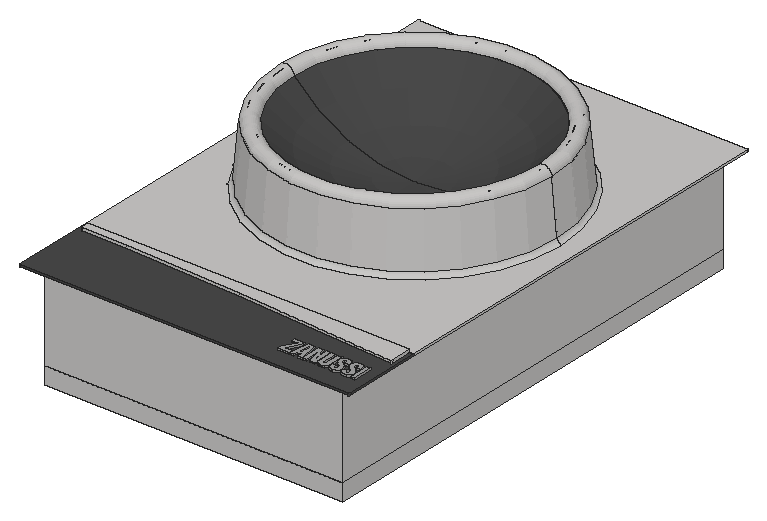
Revit family "QF_ZANUSSI_600892_Z1HCEDOMCS", category Specialty Equipment, Revit 2018
Family settings
  Round Connector Dimension = Use Diameter
  Part Type = Normal
  Work Plane-Based = No
  Always vertical = Yes
  Cut with Voids When Loaded = No
  Shared = No
  Room Calculation Point = No
Parameters (values of type "Standard")
  Watts = 0 W
  Volts = 220 V
  URL = "http://www.zanussiprofessional.com"
  Steam Supply Size = 0 mm
  Steam Supply Minimum Pressure = 0.0 Pa
  Steam Supply Maximum Pressure = 0.0 Pa
  Steam Pounds per Hour = 0
  Show Logo [instance] = yes
  Manufacturer = "Zanussi"
  Phase = 1
  Model = "Z1HCEDOMCS"
  Item Number = "600892"
  Hot Water Size = 0 mm
  HP = "4.7 HP"
  Gas Size = 0 mm
  Gas KW = 0
  Direct Waste Size = 0 mm
  Description = "PLUG-IN INDUCTION WOK, DROP-IN"
  Cycle = 60 Hz
  Condensate Return Size = 0 mm
  Compressed Air Volume = 0.0 L/s
  Compressed Air Size = 0 mm
  Compressed Air Pressure = 0.0 Pa
  Cold Water Size = 0 mm
Types (2, lengths in mm): name | URL | Manufacturer | Phase | Model | Description
  (no name) | 0 | 0 | 0 | 0 | 0
  Standard | "http://www.zanussiprofessional.com" | "Zanussi" | 1 | "Z1HCEDOMCS" | "PLUG-IN INDUCTION WOK, DROP-IN"
Values of the unnamed type that differ from the named types
  Volts = 0 V
  Item Number = ""
  Cycle = 0 Hz
Reference planes
  plane 1 "Centro (Fronte/Retro)": y = 74.737
  plane 2: z = 0
  plane 3: x = -514.269
  plane 4 "LEFT": x = -709.269
  plane 5 "RIGHT": x = -319.269
  plane 6 "BACK": y = 369.737
  plane 7 "FRONT": y = -220.263
  plane 8: y = -124.263
  plane 9: x = -690.269
  plane 10: x = -338.269
  plane 11: y = 355.737
  plane 12: y = -205.263
  plane 13: x = -442.269
  plane 14: y = 179.737
  plane 15: z = 900
Forms (mm)
  Extrusion 1, solid, material "QF_Finishes_Stainless Steel"
    sketch origin (0, 0, 774) x (1, 0, 0) y (0, 1, 0)
      loop
        line (-341.269, 352.737) -> (-687.269, 352.737) -> (-687.269, -202.263) -> (-341.269, -202.263) -> (-341.269, 352.737)
      loop
        line (-690.269, 355.737) -> (-690.269, -205.263) -> (-338.269, -205.263) -> (-338.269, 355.737) -> (-690.269, 355.737)
    from 21 to 126
  Extrusion 2, solid, material "QF_Finishes_Black"
    sketch origin (0, 0, 900) x (-1, 0, 0) y (0, -1, 0)
      loop
        line (709.269, 124.263) -> (709.269, 218.263)
        arc (709.269, 218.263) -> (708.683, 219.677) -> (707.269, 220.263) r 2
        line (707.269, 220.263) -> (321.269, 220.263)
        arc (321.269, 220.263) -> (319.854, 219.677) -> (319.269, 218.263) r 2
        line (319.269, 218.263) -> (319.269, 124.263) -> (709.269, 124.263)
    from 0 to 2
  Extrusion 3, solid, material "QF_Finishes_Stainless Steel"
    sketch origin (0, 0, 775) x (1, 0, 0) y (0, 1, 0)
      loop
        line (-690.269, 355.737) -> (-690.269, -205.263) -> (-338.269, -205.263) -> (-338.269, 355.737) -> (-690.269, 355.737)
    from 0 to 20
  Extrusion 4, solid, material "QF_Finishes_Stainless Steel"
    sketch origin (0, 0, 127) x (-1, 0, 0) y (0, -1, 0)
      loop
        circle (442.269, -179.737) r 10
    from 638.028 to 648
  Revolve 5, solid, material "QF_Finishes_Stainless Steel"
    sketch origin (0, 120.237, 2) x (-1, 0, 0) y (0, 0, 1)
      loop
        arc (349.07, 900) -> (350.454, 902.553) -> (351.23, 905.352) r 12.856
        line (351.23, 905.352) -> (357.255, 968.615)
        arc (357.255, 968.615) -> (361.677, 972.996) -> (366.45, 969) r 4.622
        line (366.45, 969) -> (371.472, 969)
        arc (371.472, 969) -> (361.87, 978) -> (352.269, 969) r 9.622
        line (352.269, 969) -> (346.269, 906)
        arc (346.269, 906) -> (344.567, 902.335) -> (341.269, 900) r 7.856
        line (341.269, 900) -> (349.07, 900)
      axis (514.269, 900) -> (514.269, 969)
    angle from 0 to 360
  Revolve 6, solid, material "QF_Finishes_Black"
    sketch origin (0, 120.237, 2) x (-1, 0, 0) y (0, 0, 1)
      loop
        line (371.472, 969) -> (366.45, 969)
        arc (366.45, 969) -> (432.848, 918.929) -> (514.269, 902) r 190.056
        line (514.269, 902) -> (514.269, 906)
        arc (514.269, 906) -> (436.232, 922.453) -> (371.472, 969) r 193.372
      axis (514.269, 969) -> (514.269, 902)
    angle from 0 to 360
  Extrusion 7, solid, material "QF_Finishes_Stainless Steel"
    sketch origin (0, 96, 900) x (-1, 0, 0) y (0, -1, 0)
      loop
        arc (707.269, -273.737) -> (708.683, -273.151) -> (709.269, -271.737) r 2
        line (709.269, -271.737) -> (709.269, 220.263) -> (319.269, 220.263) -> (319.269, -271.737)
        arc (319.269, -271.737) -> (319.854, -273.151) -> (321.269, -273.737) r 2
        line (321.269, -273.737) -> (707.269, -273.737)
    from 0 to 2
  Extrusion 8, solid, material "QF_Finishes_Stainless Steel"
    sketch origin (0, 0, 900) x (-1, 0, 0) y (0, -1, 0)
      loop
        arc (702.769, 124.263) -> (703.829, 124.702) -> (704.269, 125.763) r 1.5
        line (704.269, 125.763) -> (704.269, 132.763)
        arc (704.269, 132.763) -> (703.829, 133.824) -> (702.769, 134.263) r 1.5
        line (702.769, 134.263) -> (651.769, 134.263)
        arc (651.769, 134.263) -> (582.973, 135.513) -> (514.269, 139.263) r 1893.125
        arc (514.269, 139.263) -> (420.209, 148.26) -> (325.769, 151.263) r 1486.51
        arc (325.769, 151.263) -> (324.708, 150.824) -> (324.269, 149.763) r 1.5
        line (324.269, 149.763) -> (324.269, 125.763)
        arc (324.269, 125.763) -> (324.708, 124.702) -> (325.769, 124.263) r 1.5
        line (325.769, 124.263) -> (702.769, 124.263)
    from 2 to 5
Lines and regions (mm)
  Split face 1
    outline origin (0, 0, 902) x (-1, 0, 0) y (0, -1, 0)
      loop
        line (324.269, 124.263) -> (704.269, 124.263) -> (704.269, 623.263) -> (324.269, 623.263) -> (324.269, 124.263)
  symbolic lines
    curve 1: line (-319.269, -124.263, 126) -> (-709.269, -124.263, 126)
    curve 2: line (-321.269, 369.737, 126) -> (-707.269, 369.737, 126)
    curve 3: arc (-707.269, 369.737, 126) -> (-708.683, 369.151, 126) -> (-709.269, 367.737, 126) r 2
    curve 4: line (-709.269, 367.737, 126) -> (-709.269, -218.263, 126)
    curve 5: arc (-709.269, -218.263, 126) -> (-708.683, -219.677, 126) -> (-707.269, -220.263, 126) r 2
    curve 6: line (-707.269, -220.263, 126) -> (-321.269, -220.263, 126)
    curve 7: arc (-321.269, -220.263, 126) -> (-319.854, -219.677, 126) -> (-319.269, -218.263, 126) r 2
    curve 8: line (-319.269, -218.263, 126) -> (-319.269, 367.737, 126)
    curve 9: arc (-319.269, 367.737, 126) -> (-319.854, 369.151, 126) -> (-321.269, 369.737, 126) r 2
    curve 10: arc (-687.269, 120.237, 126) -> (-514.269, 293.237, 126) -> (-341.269, 120.237, 126) r 173
    curve 11: arc (-341.269, 120.237, 126) -> (-514.269, -52.763, 126) -> (-687.269, 120.237, 126) r 173
    curve 12: arc (-682.269, 120.237, 126) -> (-514.269, -47.763, 126) -> (-346.269, 120.237, 126) r 168
    curve 13: arc (-657.065, 120.237, 126) -> (-514.269, -22.56, 126) -> (-371.472, 120.237, 126) r 142.797
    curve 14: arc (-371.472, 120.237, 126) -> (-514.269, 263.034, 126) -> (-657.065, 120.237, 126) r 142.797
    curve 15: arc (-346.269, 120.237, 126) -> (-514.269, 288.237, 126) -> (-682.269, 120.237, 126) r 168
    curve 16: arc (-352.269, 120.237, 126) -> (-514.269, 282.237, 126) -> (-676.269, 120.237, 126) r 162
    curve 17: arc (-676.269, 120.237, 126) -> (-514.269, -41.763, 126) -> (-352.269, 120.237, 126) r 162
    curve 18: arc (-702.769, -124.263, 126) -> (-703.829, -124.702, 126) -> (-704.269, -125.763, 126) r 1.5
    curve 19: line (-704.269, -125.763, 126) -> (-704.269, -132.763, 126)
    curve 20: arc (-704.269, -132.763, 126) -> (-703.829, -133.824, 126) -> (-702.769, -134.263, 126) r 1.5
    curve 21: line (-702.769, -134.263, 126) -> (-651.769, -134.263, 126)
    curve 22: arc (-324.269, -125.763, 126) -> (-324.708, -124.702, 126) -> (-325.769, -124.263, 126) r 1.5
    curve 23: line (-324.269, -149.763, 126) -> (-324.269, -125.763, 126)
    curve 24: arc (-325.769, -151.263, 126) -> (-324.708, -150.824, 126) -> (-324.269, -149.763, 126) r 1.5
    curve 25: arc (-651.769, -134.263, 126) -> (-582.973, -135.513, 126) -> (-514.269, -139.263, 126) r 1893.125
    curve 26: arc (-514.269, -139.263, 126) -> (-420.209, -148.26, 126) -> (-325.769, -151.263, 126) r 1486.51
    curve 27: line (-415.208, -176.613, 126) -> (-422.226, -191.352, 126)
    curve 28: line (-422.226, -191.352, 126) -> (-422.226, -196.265, 126)
    curve 29: line (-422.226, -196.265, 126) -> (-409.452, -196.265, 126)
    curve 30: line (-409.452, -196.265, 126) -> (-409.452, -191.352, 126)
    curve 31: line (-409.452, -191.352, 126) -> (-416.821, -191.352, 126)
    curve 32: line (-416.821, -191.352, 126) -> (-409.452, -176.332, 126)
    curve 33: line (-409.452, -176.332, 126) -> (-409.452, -172.261, 126)
    curve 34: line (-409.452, -172.261, 126) -> (-421.665, -172.261, 126)
    curve 35: line (-421.665, -172.261, 126) -> (-421.665, -176.753, 126)
    curve 36: line (-421.665, -176.753, 126) -> (-415.208, -176.613, 126)
    curve 37: line (-404.82, -172.261, 126) -> (-409.172, -196.265, 126)
    curve 38: line (-409.172, -196.265, 126) -> (-404.118, -196.265, 126)
    curve 39: line (-404.118, -196.265, 126) -> (-403.416, -191.633, 126)
    curve 40: line (-403.416, -191.633, 126) -> (-399.346, -191.633, 126)
    curve 41: line (-399.346, -191.633, 126) -> (-398.644, -196.265, 126)
    curve 42: line (-398.644, -196.265, 126) -> (-393.59, -196.265, 126)
    curve 43: line (-393.59, -196.265, 126) -> (-398.082, -172.261, 126)
    curve 44: line (-398.082, -172.261, 126) -> (-404.82, -172.261, 126)
    curve 45: line (-401.451, -176.364, 126) -> (-400.047, -187.281, 126)
    curve 46: line (-400.047, -187.281, 126) -> (-402.855, -187.281, 126)
    curve 47: line (-402.855, -187.281, 126) -> (-401.451, -176.364, 126)
    curve 48: line (-393.309, -172.261, 126) -> (-393.309, -196.265, 126)
    curve 49: line (-393.309, -196.265, 126) -> (-388.958, -196.265, 126)
    curve 50: line (-388.958, -196.265, 126) -> (-388.958, -180.403, 126)
    curve 51: line (-388.958, -180.403, 126) -> (-384.887, -196.265, 126)
    curve 52: line (-384.887, -196.265, 126) -> (-379.553, -196.265, 126)
    curve 53: line (-379.553, -196.265, 126) -> (-379.553, -172.261, 126)
    curve 54: line (-379.553, -172.261, 126) -> (-384.045, -172.261, 126)
    curve 55: line (-384.045, -172.261, 126) -> (-384.045, -187.562, 126)
    curve 56: line (-384.045, -187.562, 126) -> (-388.116, -172.261, 126)
    curve 57: line (-388.116, -172.261, 126) -> (-393.309, -172.261, 126)
    curve 58: line (-378.43, -172.261, 126) -> (-378.43, -188.404, 126)
    curve 59: line (-378.43, -188.404, 126) -> (-378.149, -192.334, 126)
    curve 60: line (-378.149, -192.334, 126) -> (-377.728, -193.317, 126)
    curve 61: line (-377.728, -193.317, 126) -> (-376.745, -194.58, 126)
    curve 62: line (-376.745, -194.58, 126) -> (-375.763, -195.282, 126)
    curve 63: line (-375.763, -195.282, 126) -> (-373.797, -196.124, 126)
    curve 64: line (-373.797, -196.124, 126) -> (-372.815, -196.265, 126)
    curve 65: line (-372.815, -196.265, 126) -> (-370.569, -196.265, 126)
    curve 66: line (-370.569, -196.265, 126) -> (-369.446, -195.984, 126)
    curve 67: line (-369.446, -195.984, 126) -> (-367.761, -195.001, 126)
    curve 68: line (-367.761, -195.001, 126) -> (-365.796, -192.194, 126)
    curve 69: line (-365.796, -192.194, 126) -> (-365.656, -191.211, 126)
    curve 70: line (-365.656, -191.211, 126) -> (-365.656, -172.261, 126)
    curve 71: line (-365.656, -172.261, 126) -> (-370.569, -172.261, 126)
    curve 72: line (-370.569, -172.261, 126) -> (-370.569, -190.088, 126)
    curve 73: line (-370.569, -190.088, 126) -> (-371.13, -191.352, 126)
    curve 74: line (-371.13, -191.352, 126) -> (-372.675, -191.492, 126)
    curve 75: line (-372.675, -191.492, 126) -> (-373.517, -190.509, 126)
    curve 76: line (-373.517, -190.509, 126) -> (-373.517, -172.261, 126)
    curve 77: line (-373.517, -172.261, 126) -> (-378.43, -172.261, 126)
    curve 78: line (-353.163, -184.895, 126) -> (-358.778, -179.841, 126)
    curve 79: line (-358.778, -179.841, 126) -> (-359.479, -178.999, 126)
    curve 80: line (-359.479, -178.999, 126) -> (-359.76, -176.753, 126)
    curve 81: line (-359.76, -176.753, 126) -> (-358.076, -175.911, 126)
    curve 82: line (-358.076, -175.911, 126) -> (-356.672, -176.893, 126)
    curve 83: line (-356.672, -176.893, 126) -> (-356.532, -179.841, 126)
    curve 84: line (-356.532, -179.841, 126) -> (-351.899, -179.841, 126)
    curve 85: line (-351.899, -179.841, 126) -> (-352.18, -175.068, 126)
    curve 86: line (-352.18, -175.068, 126) -> (-355.128, -172.401, 126)
    curve 87: line (-355.128, -172.401, 126) -> (-363.269, -173.805, 126)
    curve 88: line (-363.269, -173.805, 126) -> (-364.252, -180.824, 126)
    curve 89: line (-364.252, -180.824, 126) -> (-362.006, -184.052, 126)
    curve 90: line (-362.006, -184.052, 126) -> (-359.62, -186.158, 126)
    curve 91: line (-359.62, -186.158, 126) -> (-356.672, -189.106, 126)
    curve 92: line (-356.672, -189.106, 126) -> (-357.233, -191.773, 126)
    curve 93: line (-357.233, -191.773, 126) -> (-359.058, -191.913, 126)
    curve 94: line (-359.058, -191.913, 126) -> (-360.041, -187.842, 126)
    curve 95: line (-360.041, -187.842, 126) -> (-364.954, -187.842, 126)
    curve 96: line (-364.954, -187.842, 126) -> (-363.55, -194.44, 126)
    curve 97: line (-363.55, -194.44, 126) -> (-357.374, -196.265, 126)
    curve 98: line (-357.374, -196.265, 126) -> (-351.759, -192.334, 126)
    curve 99: line (-351.759, -192.334, 126) -> (-353.163, -184.895, 126)
    curve 100: line (-339.266, -184.754, 126) -> (-345.161, -179.42, 126)
    curve 101: line (-345.161, -179.42, 126) -> (-345.863, -177.595, 126)
    curve 102: line (-345.863, -177.595, 126) -> (-345.302, -176.191, 126)
    curve 103: line (-345.302, -176.191, 126) -> (-344.038, -175.911, 126)
    curve 104: line (-344.038, -175.911, 126) -> (-342.635, -176.893, 126)
    curve 105: line (-342.635, -176.893, 126) -> (-342.494, -179.701, 126)
    curve 106: line (-342.494, -179.701, 126) -> (-337.722, -179.841, 126)
    curve 107: line (-337.722, -179.841, 126) -> (-338.283, -174.928, 126)
    curve 108: line (-338.283, -174.928, 126) -> (-345.723, -171.98, 126)
    curve 109: line (-345.723, -171.98, 126) -> (-350.215, -175.63, 126)
    curve 110: line (-350.215, -175.63, 126) -> (-348.951, -182.929, 126)
    curve 111: line (-348.951, -182.929, 126) -> (-343.758, -187.562, 126)
    curve 112: line (-343.758, -187.562, 126) -> (-342.635, -189.246, 126)
    curve 113: line (-342.635, -189.246, 126) -> (-343.056, -191.773, 126)
    curve 114: line (-343.056, -191.773, 126) -> (-344.46, -192.054, 126)
    curve 115: line (-344.46, -192.054, 126) -> (-346.003, -187.702, 126)
    curve 116: line (-346.003, -187.702, 126) -> (-350.917, -187.842, 126)
    curve 117: line (-350.917, -187.842, 126) -> (-349.092, -194.721, 126)
    curve 118: line (-349.092, -194.721, 126) -> (-341.091, -195.703, 126)
    curve 119: line (-341.091, -195.703, 126) -> (-338.002, -192.896, 126)
    curve 120: line (-338.002, -192.896, 126) -> (-339.266, -184.754, 126)
    curve 121: line (-331.966, -172.261, 126) -> (-336.879, -172.261, 126)
    curve 122: line (-336.879, -172.261, 126) -> (-336.879, -196.265, 126)
    curve 123: line (-336.879, -196.265, 126) -> (-331.966, -196.265, 126)
    curve 124: line (-331.966, -196.265, 126) -> (-331.966, -172.261, 126)
Dimensions and locks
  equal spacing: plane 4 "LEFT", plane 3, plane 5 "RIGHT"
  plane 4 "LEFT" to plane 5 "RIGHT" = 390 mm
  equal spacing: plane 6 "BACK", plane 1 "Centro (Fronte/Retro)", plane 7 "FRONT"
  plane 6 "BACK" to plane 7 "FRONT" = 590 mm
  locked: plane 4 "LEFT" to plane 9 at 19
  locked: plane 10 to plane 5 "RIGHT" at 19
  locked: plane 6 "BACK" to plane 11 at 14
  locked: plane 12 to plane 7 "FRONT" at 15
  locked: plane 13 to plane 5 "RIGHT" at 123
  plane 6 "BACK" to plane 14 = 190 mm
  plane 15 to level = 900 mm
  aligned and locked: level to plane 2
Automatic sketch dimensions
  curve 10 to curve 11 = 0 mm  (x2)
  curve 10 to curve 12 = 0 mm  (x2)
  curve 10 to curve 13 = 0 mm  (x2)
  curve 10 to curve 14 = 0 mm  (x2)
  curve 10 to curve 15 = 0 mm  (x2)
  curve 10 to curve 16 = 0 mm  (x2)
  curve 10 to curve 17 = 0 mm  (x2)
  curve 11 to curve 12 = 0 mm  (x2)
  curve 11 to curve 13 = 0 mm  (x2)
  curve 11 to curve 14 = 0 mm  (x2)
  curve 11 to curve 15 = 0 mm  (x2)
  curve 11 to curve 16 = 0 mm  (x2)
  curve 11 to curve 17 = 0 mm  (x2)
  curve 12 to curve 13 = 0 mm  (x2)
  curve 12 to curve 14 = 0 mm  (x2)
  curve 12 to curve 15 = 0 mm  (x2)
  curve 12 to curve 16 = 0 mm  (x2)
  curve 12 to curve 17 = 0 mm  (x2)
  curve 13 to curve 14 = 0 mm  (x2)
  curve 13 to curve 15 = 0 mm  (x2)
  curve 13 to curve 16 = 0 mm  (x2)
  curve 13 to curve 17 = 0 mm  (x2)
  curve 14 to curve 15 = 0 mm  (x2)
  curve 14 to curve 16 = 0 mm  (x2)
  curve 14 to curve 17 = 0 mm  (x2)
  curve 15 to curve 16 = 0 mm  (x2)
  curve 15 to curve 17 = 0 mm  (x2)
  curve 16 to curve 17 = 0 mm  (x2)
  curve 1 to plane 5 "RIGHT" = 0 mm
  curve 9 to plane 6 "BACK" = 0 mm
  curve 6 to plane 7 "FRONT" = 0 mm
  curve 22 to plane 8 = 0 mm
  curve 11 to plane 3 = 0 mm
  curve 26 to plane 3 = 0 mm
  curve 4 to plane 4 "LEFT" = 0 mm
  curve 9 to plane 5 "RIGHT" = 2 mm
  curve 6 to plane 5 "RIGHT" = 2 mm
  curve 23 to plane 5 "RIGHT" = 5 mm
  curve 24 to curve 24 = 1.5 mm
  curve 22 to curve 22 = 1.5 mm
  plane 10 to curve 124 = 6.302 mm
  plane 10 to curve 122 = 1.389 mm
  plane 10 to curve 107 = 0.547 mm
  plane 10 to curve 120 = 0.266 mm
  curve 107 to plane 10 = 0.014 mm
  curve 120 to plane 10 = 0.997 mm
  curve 119 to plane 10 = 2.822 mm
  curve 106 to plane 10 = 4.225 mm
  curve 112 to plane 10 = 4.366 mm
  curve 105 to curve 104 = 0.141 mm
  curve 112 to curve 113 = 0.421 mm
  curve 112 to curve 111 = 1.123 mm
  curve 104 to curve 103 = 1.404 mm
  curve 113 to curve 115 = 1.404 mm
  curve 105 to curve 100 = 2.667 mm
  curve 103 to curve 103 = 1.263 mm
  curve 102 to curve 109 = 0.421 mm
  curve 102 to curve 102 = 0.562 mm
  curve 111 to curve 116 = 2.246 mm
  curve 100 to curve 111 = 3.79 mm
  curve 114 to curve 118 = 4.632 mm
  curve 101 to curve 109 = 4.352 mm
  curve 115 to curve 116 = 4.913 mm
  curve 117 to curve 98 = 2.667 mm
  curve 110 to curve 84 = 2.948 mm
  curve 109 to curve 85 = 1.965 mm
  curve 116 to curve 78 = 2.246 mm
  curve 85 to curve 87 = 2.948 mm
  curve 84 to curve 83 = 4.632 mm
  curve 78 to curve 92 = 3.509 mm
  curve 83 to curve 83 = 0.14 mm
  curve 91 to curve 93 = 0.562 mm
  plane 12 to curve 97 = 8.998 mm
  curve 92 to curve 97 = 0.14 mm
  curve 82 to curve 82 = 1.404 mm
  curve 83 to curve 78 = 2.246 mm
  curve 92 to curve 93 = 1.825 mm
  curve 78 to curve 80 = 0.702 mm
  curve 91 to curve 91 = 2.948 mm
  curve 81 to curve 80 = 1.684 mm
  curve 90 to curve 94 = 0.421 mm
  curve 90 to curve 90 = 2.386 mm
  curve 80 to curve 87 = 3.509 mm
  plane 12 to curve 97 = 10.823 mm
  curve 93 to curve 97 = 4.492 mm
  curve 89 to curve 88 = 2.246 mm
  curve 89 to curve 96 = 2.948 mm
  curve 87 to curve 71 = 2.386 mm
  plane 12 to curve 68 = 13.069 mm
  curve 69 to curve 68 = 0.14 mm
  plane 12 to curve 67 = 10.262 mm
  curve 68 to curve 67 = 1.965 mm
  plane 12 to curve 66 = 9.279 mm
  curve 67 to curve 66 = 1.685 mm
  curve 69 to curve 72 = 4.913 mm
  plane 12 to curve 66 = 8.998 mm
  curve 66 to curve 66 = 1.123 mm
  plane 12 to curve 74 = 13.911 mm
  curve 72 to curve 74 = 0.561 mm
  plane 12 to curve 74 = 13.771 mm
  curve 73 to curve 74 = 1.544 mm
  curve 65 to curve 64 = 2.246 mm
  curve 71 to curve 76 = 2.948 mm
  plane 12 to curve 63 = 9.139 mm
  curve 64 to curve 63 = 0.982 mm
  plane 12 to curve 63 = 9.981 mm
  curve 63 to curve 63 = 1.965 mm
  plane 12 to curve 62 = 10.683 mm
  curve 62 to curve 62 = 0.983 mm
  plane 12 to curve 60 = 11.946 mm
  curve 61 to curve 60 = 0.983 mm
  plane 12 to curve 59 = 12.929 mm
  curve 60 to curve 59 = 0.421 mm
  curve 76 to curve 77 = 4.913 mm
  curve 61 to curve 52 = 2.808 mm
  plane 12 to curve 56 = 17.701 mm
  curve 58 to curve 56 = 5.615 mm
  plane 12 to curve 51 = 8.998 mm
  curve 52 to curve 51 = 5.334 mm
  curve 54 to curve 57 = 4.071 mm
  curve 51 to curve 49 = 4.071 mm
  curve 56 to curve 57 = 5.194 mm
  curve 48 to curve 42 = 0.281 mm
  curve 48 to curve 43 = 4.773 mm
  plane 12 to curve 41 = 8.998 mm
  curve 42 to curve 41 = 5.053 mm
  plane 12 to curve 41 = 13.63 mm
  curve 41 to curve 41 = 0.702 mm
  curve 40 to curve 46 = 0.702 mm
  curve 43 to curve 47 = 3.369 mm
  curve 45 to curve 46 = 2.807 mm
  curve 40 to curve 40 = 4.071 mm
  plane 12 to curve 39 = 8.998 mm
  curve 39 to curve 39 = 0.702 mm
  curve 45 to curve 37 = 3.369 mm
  curve 38 to curve 37 = 5.054 mm
  curve 37 to curve 32 = 4.632 mm
  curve 37 to curve 29 = 0.281 mm
  curve 32 to curve 36 = 5.755 mm
  curve 30 to curve 31 = 7.368 mm
  curve 27 to curve 35 = 6.457 mm
  curve 31 to curve 28 = 5.406 mm
  curve 21 to plane 8 = 10 mm
  plane 9 to curve 21 = 38.5 mm
  curve 18 to plane 8 = 1.5 mm
  plane 4 "LEFT" to curve 18 = 6.5 mm
  curve 21 to curve 19 = 1.5 mm
  curve 5 to curve 4 = 2 mm
  plane 4 "LEFT" to curve 2 = 2 mm
  plane 6 "BACK" to curve 26 = 965.51 mm
  curve 14 to plane 1 "Centro (Fronte/Retro)" = 45.5 mm
  curve 22 to curve 23 = 24 mm
  curve 109 to curve 97 = 24.285 mm
  curve 108 to curve 121 = 0.281 mm
  curve 77 to curve 55 = 15.301 mm
  curve 76 to curve 71 = 0 mm
  curve 57 to curve 58 = 0 mm
  curve 56 to curve 55 = 0 mm
  curve 44 to curve 48 = 0 mm
  curve 33 to curve 37 = 0 mm
  curve 108 to curve 87 = 0.421 mm
  curve 70 to curve 87 = 1.544 mm
  curve 121 to curve 107 = 2.667 mm
  curve 86 to curve 85 = 2.667 mm
  curve 85 to curve 109 = 0.561 mm
  curve 108 to curve 103 = 3.93 mm
  curve 86 to curve 82 = 3.509 mm
  curve 103 to curve 102 = 0.281 mm
  curve 33 to curve 32 = 4.071 mm
  curve 43 to curve 45 = 4.103 mm
  curve 32 to curve 36 = 0.281 mm
  curve 81 to curve 81 = 0.842 mm
  curve 34 to curve 36 = 4.492 mm
  curve 103 to curve 105 = 0.983 mm
  curve 81 to curve 82 = 0.983 mm
  curve 102 to curve 101 = 1.404 mm
  curve 80 to curve 79 = 2.246 mm
  curve 101 to curve 101 = 1.825 mm
  curve 100 to curve 105 = 0.281 mm
  curve 109 to curve 84 = 4.211 mm
  curve 105 to curve 106 = 0.14 mm
  curve 79 to curve 79 = 0.842 mm
  curve 56 to curve 51 = 8.142 mm
  curve 79 to curve 89 = 1.825 mm
  curve 84 to curve 111 = 3.088 mm
  curve 88 to curve 89 = 3.228 mm
  curve 106 to curve 100 = 4.913 mm
  curve 110 to curve 78 = 1.965 mm
  curve 89 to curve 90 = 2.106 mm
  curve 46 to curve 39 = 4.352 mm
  curve 100 to curve 112 = 2.807 mm
  curve 111 to curve 115 = 0.14 mm
  curve 90 to curve 95 = 1.684 mm
  curve 78 to curve 116 = 2.948 mm
  curve 58 to curve 59 = 3.93 mm
  curve 94 to curve 92 = 1.264 mm
  curve 111 to curve 112 = 1.685 mm
  curve 73 to curve 73 = 1.263 mm
  curve 75 to curve 74 = 0.983 mm
  curve 69 to curve 68 = 0.982 mm
  curve 32 to curve 37 = 4.913 mm
  curve 28 to curve 31 = 0 mm
  curve 112 to curve 114 = 2.527 mm
  curve 91 to curve 93 = 2.667 mm
  curve 92 to curve 93 = 0.14 mm
  curve 113 to curve 114 = 0.281 mm
  curve 116 to curve 99 = 4.492 mm
  curve 113 to curve 119 = 1.123 mm
  curve 98 to curve 117 = 2.386 mm
  curve 119 to curve 119 = 2.807 mm
  curve 27 to curve 28 = 4.913 mm
  curve 42 to curve 49 = 0 mm
  curve 119 to curve 124 = 3.369 mm
  curve 25 to plane 7 "FRONT" = 1807.125 mm
  curve 11 to plane 10 = 3 mm
  curve 10 to curve 15 = 5 mm
  curve 12 to curve 17 = 6 mm
  curve 16 to curve 14 = 19.203 mm
  Extrusion 1 sketch curve to plane 9 = 0 mm
  Extrusion 1 sketch curve to plane 10 = 0 mm
  Extrusion 1 sketch curve to plane 12 = 0 mm
  Extrusion 1 sketch curve to plane 11 = 0 mm
  plane 9 to Extrusion 1 sketch curve = 3 mm
  Extrusion 1 sketch curve to plane 10 = 3 mm
  plane 12 to Extrusion 1 sketch curve = 3 mm
  Extrusion 1 sketch curve to plane 11 = 3 mm
  Extrusion 2 sketch curve to plane 5 "RIGHT" = 0 mm
  Extrusion 2 sketch curve to plane 7 "FRONT" = 0 mm
  Extrusion 2 sketch curve to plane 4 "LEFT" = 0 mm
  Extrusion 2 sketch curve to plane 8 = 0 mm
  Extrusion 2 sketch curve to plane 5 "RIGHT" = 2 mm
  Extrusion 2 sketch curve to Extrusion 2 sketch curve = 2 mm
  Split face 1 sketch curve to Extrusion 2 = 0 mm
  Split face 1 sketch curve to Extrusion 2 = 5 mm  (x2)
  Extrusion 2 to Split face 1 sketch curve = 403 mm
  Extrusion 3 sketch curve to plane 9 = 0 mm
  Extrusion 3 sketch curve to plane 10 = 0 mm
  Extrusion 3 sketch curve to plane 12 = 0 mm
  Extrusion 3 sketch curve to plane 11 = 0 mm
  Extrusion 4 sketch curve to plane 13 = 0 mm
  Extrusion 4 sketch curve to plane 14 = 0 mm
  Revolve 5 sketch curve to Revolve 5 sketch curve = 0 mm  (x4)
  Revolve 5 sketch curve to plane 3 = 0 mm
  Revolve 5 sketch curve to plane 10 = 33.203 mm
  Revolve 5 sketch curve to Revolve 5 sketch curve = 5.022 mm
  Revolve 5 sketch curve to Revolve 5 sketch curve = 4.58 mm
  Revolve 5 sketch curve to Revolve 5 sketch curve = 4.616 mm
  Revolve 5 sketch curve to Revolve 5 sketch curve = 4.986 mm
  Revolve 5 sketch curve to plane 10 = 12.961 mm
  plane 15 to Revolve 5 sketch curve = 2 mm  (x2)
  Revolve 5 sketch curve to Revolve 5 sketch curve = 2.16 mm
  Revolve 5 sketch curve to Revolve 5 sketch curve = 4.961 mm
  Revolve 5 sketch curve to plane 10 = 3 mm
  Revolve 5 sketch curve to plane 10 = 0.264 mm
  Revolve 5 sketch curve to Revolve 5 sketch curve = 5.352 mm
  Revolve 5 sketch curve to Revolve 5 sketch curve = 63.026 mm
  Revolve 5 sketch curve to Revolve 5 sketch curve = 0.237 mm
  Revolve 5 sketch curve to Revolve 5 sketch curve = 611 mm
  Revolve 6 sketch curve to plane 3 = 0 mm  (x2)
  plane 3 to Revolve 6 sketch curve = 2.959 mm
  Revolve 6 sketch curve to plane 10 = 33.203 mm
  Revolve 6 sketch curve to Revolve 6 sketch curve = 5.022 mm
  Revolve 6 sketch curve to plane 3 = 0.017 mm
  plane 15 to Revolve 6 sketch curve = 4 mm
  Revolve 6 sketch curve to Revolve 6 sketch curve = 4 mm
  plane 15 to Revolve 6 sketch curve = 71 mm
  Revolve 6 sketch curve to Revolve 6 sketch curve = 2 mm
  Revolve 6 sketch curve to Revolve 6 sketch curve = 48.628 mm
  Extrusion 7 sketch curve to plane 5 "RIGHT" = 0 mm
  Extrusion 7 sketch curve to plane 6 "BACK" = 0 mm
  Extrusion 7 sketch curve to plane 4 "LEFT" = 0 mm
  Extrusion 7 sketch curve to plane 8 = 0 mm
  Extrusion 7 sketch curve to plane 5 "RIGHT" = 2 mm
  Extrusion 7 sketch curve to Extrusion 7 sketch curve = 2 mm
  Extrusion 8 sketch curve to plane 8 = 0 mm
  Extrusion 8 sketch curve to plane 3 = 0 mm
  Extrusion 8 sketch curve to plane 5 "RIGHT" = 6.5 mm  (x2)
  Extrusion 8 sketch curve to Extrusion 8 sketch curve = 1.5 mm  (x2)
  plane 9 to Extrusion 8 sketch curve = 38.5 mm
  Extrusion 8 sketch curve to plane 8 = 1.5 mm
  plane 4 "LEFT" to Extrusion 8 sketch curve = 6.5 mm
  plane 6 "BACK" to Extrusion 8 sketch curve = 965.51 mm
  Extrusion 8 sketch curve to Extrusion 8 sketch curve = 7 mm
  Extrusion 8 sketch curve to Extrusion 8 sketch curve = 24 mm
  Extrusion 8 sketch curve to plane 7 "FRONT" = 1807.125 mm
  radius of Extrusion 4 sketch curve = 10 mm
Nested families
  nested 1: "ZAN_Logo_S_Grey" at (-377.096, -184.263, 902), visible <- "Show Logo", type "ZAN_Logo_S_Grey"
Connectors
  electrical at (-442.269, 179.737, 765.028)
    settings: on Extrusion 4, index 2, voltage 0 V, apparent load 0 VA, apparent load phase1 0 VA, apparent load phase2 0 VA, apparent load phase3 0 VA, power factor 1, load classification "Altro", number of poles 1, system type 30, power factor state 1, is connector primary yes, connector utility no, sub classification motor no, connector description ""
Definition of nested family "ZAN_Logo_S_Grey"
  Parameters (values of type "ZAN_Logo_S_Grey")
    Default Elevation = 0 mm
  Reference planes
    plane 1 "Centro (Fronte/Retro)": y = 0
    plane 2: z = 0
    plane 3 "Centro (Sinistra/Destra)": x = 0
  Forms (mm)
    Extrusion 1, solid
      sketch origin (0, 0, 0) x (1, 0, 0) y (0, 1, 0)
        loop
          line (-1219.2, 1219.2) -> (-1219.2, -1219.2) -> (1219.2, -1219.2) -> (1219.2, 1219.2) -> (-1219.2, 1219.2)
      from 0 to -304.8
    Extrusion 2, solid
      sketch origin (17.793, -46.218, 0) x (-1, 0, 0) y (0, -1, 0)
        loop
          spline (-4.176, -58.079) -> (-3.496, -58.328) -> (-2.793, -58.512) -> (-2.075, -58.63) -> (-1.348, -58.682) -> (-0.619, -58.669) -> (0.106, -58.588) -> (0.818, -58.44) -> (1.512, -58.225) -> (2.18, -57.941) -> (2.817, -57.589) -> (3.414, -57.167) -> (3.966, -56.676)
          spline (3.966, -56.676) -> (4.293, -56.162) -> (4.575, -55.61) -> (4.81, -55.026) -> (5, -54.419) -> (5.146, -53.797) -> (5.247, -53.166) -> (5.304, -52.536) -> (5.318, -51.913) -> (5.288, -51.306) -> (5.217, -50.723) -> (5.103, -50.17) -> (4.949, -49.657)
          line (4.949, -49.657) -> (2.702, -46.428) -> (0.316, -44.323)
          spline (0.316, -44.323) -> (0.065, -44.115) -> (-0.195, -43.909) -> (-0.46, -43.704) -> (-0.729, -43.496) -> (-0.997, -43.282) -> (-1.263, -43.059) -> (-1.523, -42.825) -> (-1.774, -42.576) -> (-2.013, -42.309) -> (-2.238, -42.022) -> (-2.445, -41.712) -> (-2.632, -41.375)
          spline (-2.632, -41.375) -> (-2.666, -41.159) -> (-2.697, -40.934) -> (-2.722, -40.701) -> (-2.736, -40.465) -> (-2.736, -40.227) -> (-2.72, -39.989) -> (-2.682, -39.754) -> (-2.621, -39.524) -> (-2.533, -39.302) -> (-2.414, -39.091) -> (-2.261, -38.892) -> (-2.07, -38.708)
          line (-2.07, -38.708) -> (-0.245, -38.567)
          spline (-0.245, -38.567) -> (0.096, -38.8) -> (0.354, -39.074) -> (0.54, -39.381) -> (0.664, -39.716) -> (0.738, -40.073) -> (0.772, -40.445) -> (0.777, -40.825) -> (0.763, -41.208) -> (0.742, -41.588) -> (0.723, -41.957) -> (0.718, -42.309) -> (0.737, -42.638)
          line (0.737, -42.638) -> (5.65, -42.638)
          spline (5.65, -42.638) -> (5.708, -42.042) -> (5.741, -41.448) -> (5.747, -40.857) -> (5.723, -40.273) -> (5.668, -39.696) -> (5.58, -39.129) -> (5.457, -38.574) -> (5.297, -38.032) -> (5.098, -37.506) -> (4.857, -36.997) -> (4.574, -36.508) -> (4.247, -36.041)
          spline (4.247, -36.041) -> (3.844, -35.675) -> (3.409, -35.35) -> (2.946, -35.065) -> (2.458, -34.819) -> (1.949, -34.612) -> (1.421, -34.444) -> (0.88, -34.314) -> (0.326, -34.221) -> (-0.234, -34.165) -> (-0.8, -34.146) -> (-1.366, -34.163) -> (-1.93, -34.216)
          spline (-1.93, -34.216) -> (-2.526, -34.309) -> (-3.116, -34.448) -> (-3.695, -34.633) -> (-4.259, -34.861) -> (-4.801, -35.131) -> (-5.316, -35.444) -> (-5.799, -35.798) -> (-6.245, -36.191) -> (-6.648, -36.624) -> (-7.002, -37.095) -> (-7.303, -37.603) -> (-7.545, -38.146)
          spline (-7.545, -38.146) -> (-7.694, -38.815) -> (-7.792, -39.487) -> (-7.839, -40.158) -> (-7.836, -40.824) -> (-7.785, -41.482) -> (-7.685, -42.129) -> (-7.539, -42.762) -> (-7.347, -43.377) -> (-7.111, -43.97) -> (-6.83, -44.538) -> (-6.506, -45.078) -> (-6.141, -45.586)
          line (-6.141, -45.586) -> (-0.526, -50.64) -> (0.176, -51.482)
          spline (0.176, -51.482) -> (0.248, -51.66) -> (0.323, -51.843) -> (0.397, -52.03) -> (0.467, -52.22) -> (0.529, -52.412) -> (0.579, -52.605) -> (0.615, -52.798) -> (0.633, -52.989) -> (0.63, -53.179) -> (0.601, -53.366) -> (0.545, -53.55) -> (0.456, -53.728)
          spline (0.456, -53.728) -> (0.375, -53.892) -> (0.273, -54.034) -> (0.154, -54.155) -> (0.02, -54.258) -> (-0.126, -54.343) -> (-0.28, -54.412) -> (-0.441, -54.466) -> (-0.604, -54.508) -> (-0.767, -54.537) -> (-0.928, -54.556) -> (-1.082, -54.567) -> (-1.228, -54.57)
          line (-1.228, -54.57) -> (-2.632, -53.587) -> (-2.772, -50.64) -> (-7.405, -50.64)
          spline (-7.405, -50.64) -> (-7.41, -51.031) -> (-7.423, -51.432) -> (-7.44, -51.839) -> (-7.456, -52.251) -> (-7.469, -52.665) -> (-7.475, -53.079) -> (-7.468, -53.489) -> (-7.446, -53.894) -> (-7.404, -54.291) -> (-7.339, -54.679) -> (-7.247, -55.053) -> (-7.123, -55.412)
          spline (-7.123, -55.412) -> (-6.999, -55.693) -> (-6.837, -55.97) -> (-6.643, -56.244) -> (-6.422, -56.509) -> (-6.177, -56.765) -> (-5.913, -57.009) -> (-5.634, -57.238) -> (-5.346, -57.45) -> (-5.051, -57.643) -> (-4.755, -57.814) -> (-4.462, -57.96) -> (-4.176, -58.079)
        loop
          spline (-21.021, -55.552) -> (-20.633, -56.181) -> (-20.177, -56.736) -> (-19.661, -57.217) -> (-19.092, -57.627) -> (-18.478, -57.966) -> (-17.827, -58.237) -> (-17.147, -58.441) -> (-16.446, -58.578) -> (-15.73, -58.652) -> (-15.009, -58.662) -> (-14.29, -58.611) -> (-13.581, -58.5)
          spline (-13.581, -58.5) -> (-13.088, -58.407) -> (-12.595, -58.269) -> (-12.109, -58.088) -> (-11.636, -57.866) -> (-11.183, -57.605) -> (-10.756, -57.307) -> (-10.361, -56.974) -> (-10.004, -56.608) -> (-9.692, -56.211) -> (-9.431, -55.784) -> (-9.228, -55.33) -> (-9.089, -54.851)
          spline (-9.089, -54.851) -> (-8.873, -54.211) -> (-8.715, -53.559) -> (-8.615, -52.901) -> (-8.574, -52.241) -> (-8.592, -51.585) -> (-8.668, -50.938) -> (-8.802, -50.306) -> (-8.995, -49.693) -> (-9.247, -49.106) -> (-9.557, -48.55) -> (-9.925, -48.03) -> (-10.352, -47.551)
          line (-10.352, -47.551) -> (-15.546, -42.919) -> (-16.669, -41.234)
          spline (-16.669, -41.234) -> (-16.704, -41.021) -> (-16.735, -40.804) -> (-16.761, -40.583) -> (-16.778, -40.361) -> (-16.784, -40.139) -> (-16.774, -39.919) -> (-16.748, -39.701) -> (-16.7, -39.488) -> (-16.63, -39.28) -> (-16.533, -39.08) -> (-16.406, -38.889) -> (-16.248, -38.708)
          line (-16.248, -38.708) -> (-14.844, -38.427)
          spline (-14.844, -38.427) -> (-14.347, -38.545) -> (-13.969, -38.749) -> (-13.695, -39.028) -> (-13.508, -39.368) -> (-13.393, -39.757) -> (-13.335, -40.182) -> (-13.318, -40.63) -> (-13.326, -41.089) -> (-13.344, -41.546) -> (-13.356, -41.988) -> (-13.347, -42.403) -> (-13.3, -42.779)
          line (-13.3, -42.779) -> (-8.387, -42.638)
          spline (-8.387, -42.638) -> (-8.326, -42.034) -> (-8.288, -41.417) -> (-8.277, -40.794) -> (-8.299, -40.169) -> (-8.357, -39.548) -> (-8.457, -38.936) -> (-8.604, -38.339) -> (-8.803, -37.762) -> (-9.058, -37.21) -> (-9.375, -36.689) -> (-9.758, -36.204) -> (-10.212, -35.76)
          spline (-10.212, -35.76) -> (-10.793, -35.336) -> (-11.409, -34.976) -> (-12.054, -34.679) -> (-12.723, -34.445) -> (-13.409, -34.273) -> (-14.107, -34.163) -> (-14.811, -34.115) -> (-15.515, -34.127) -> (-16.213, -34.2) -> (-16.899, -34.333) -> (-17.568, -34.526) -> (-18.213, -34.777)
          spline (-18.213, -34.777) -> (-18.496, -34.897) -> (-18.783, -35.044) -> (-19.071, -35.216) -> (-19.357, -35.412) -> (-19.639, -35.629) -> (-19.915, -35.865) -> (-20.182, -36.119) -> (-20.438, -36.389) -> (-20.681, -36.672) -> (-20.907, -36.967) -> (-21.115, -37.272) -> (-21.301, -37.585)
          spline (-21.301, -37.585) -> (-21.55, -38.26) -> (-21.734, -38.948) -> (-21.854, -39.647) -> (-21.91, -40.351) -> (-21.901, -41.057) -> (-21.828, -41.761) -> (-21.69, -42.459) -> (-21.489, -43.148) -> (-21.222, -43.823) -> (-20.892, -44.48) -> (-20.497, -45.116) -> (-20.038, -45.726)
          line (-20.038, -45.726) -> (-14.142, -51.061) -> (-13.44, -52.886) -> (-14.002, -54.289) -> (-15.265, -54.57) -> (-16.669, -53.587) -> (-16.81, -50.78) -> (-21.582, -50.64)
          spline (-21.582, -50.64) -> (-21.558, -51.063) -> (-21.55, -51.491) -> (-21.554, -51.92) -> (-21.561, -52.35) -> (-21.567, -52.778) -> (-21.565, -53.201) -> (-21.547, -53.619) -> (-21.509, -54.029) -> (-21.444, -54.43) -> (-21.345, -54.818) -> (-21.206, -55.193) -> (-21.021, -55.552)
        loop
          line (-22.424, -34.216) -> (-27.337, -34.216) -> (-27.337, -58.22) -> (-22.424, -58.22) -> (-22.424, -34.216)
        loop
          line (14.213, -39.971) -> (14.213, -58.22) -> (19.126, -58.22) -> (19.126, -42.077) -> (18.845, -38.146) -> (18.424, -37.164) -> (17.442, -35.9) -> (16.459, -35.199) -> (14.494, -34.356) -> (13.511, -34.216) -> (11.265, -34.216) -> (10.142, -34.497) -> (8.458, -35.479) -> (6.493, -38.287) -> (6.352, -39.269) -> (6.352, -58.22) -> (11.265, -58.22) -> (11.265, -40.392) -> (11.827, -39.129) -> (13.371, -38.988) -> (14.213, -39.971)
        loop
          line (20.249, -58.22) -> (24.741, -58.22) -> (24.741, -42.919) -> (28.812, -58.22) -> (34.006, -58.22) -> (34.006, -34.216) -> (29.654, -34.216) -> (29.654, -50.078) -> (25.583, -34.216) -> (20.249, -34.216) -> (20.249, -58.22)
        loop
          line (50.149, -58.22) -> (62.361, -58.22) -> (62.361, -53.728) -> (55.904, -53.868) -> (62.923, -39.129) -> (62.923, -34.216) -> (50.149, -34.216) -> (50.149, -39.129) -> (57.517, -39.129) -> (50.149, -54.149) -> (50.149, -58.22)
        loop
          line (38.778, -58.22) -> (45.516, -58.22) -> (49.868, -34.216) -> (44.814, -34.216) -> (44.113, -38.848) -> (40.042, -38.848) -> (39.34, -34.216) -> (34.286, -34.216) -> (38.778, -58.22)
        loop
          line (43.551, -43.2) -> (40.744, -43.2) -> (42.147, -54.117) -> (43.551, -43.2)
      from 0 to 1.644
  Dimensions and locks
    aligned and locked: plane 2 to Extrusion 1
    aligned and locked: level to Extrusion 1
